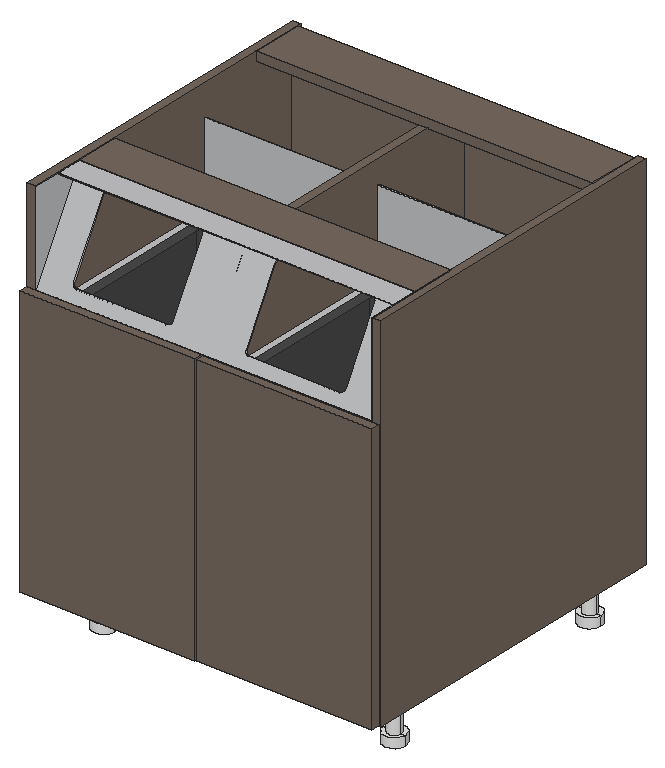
Revit family "Base_Cabinets-Teknion-CEBWU_Base_Cabinet_Recycling_Disposal_Center-R2023", category Furniture, Revit 2023
Family settings
  OmniClass Number = 23.40.20.00
  OmniClass Title = General Furniture and Specialties
  Work Plane-Based = No
  Enable Cutting in Views = No
  Always vertical = Yes
  Cut with Voids When Loaded = No
  Render Appearance Source = Family Geometry
  Shared = Yes
  Room Calculation Point = No
Parameters (values of type "Dual Configuration")
  Width [instance] = if((and([S - Single], Door Width = 12.000")), 12.000", if((and([S - Single], Door Width = 15.000")), 15.000", if((and([D - Dual], Door Width = 12.000")), 24.000", if((and([D - Dual], Door Width = 15.000")), 30.000", if((and([T - Triple], Door Width = 12.000")), 36.000", 45.000")))))  # 30.000"
  Warranty = "http://www.teknion.com/ca/papers/legal-canada"
  Unit Weight URL = "http://www.teknion.com/ca/tools/assets#&asset=bee6a381-b954-425e-8283-5a2de3a804f2,f828d448-4b62-4231-9e5f-9a8991c0ed77"
  URL = "www.teknion.com"
  To render please download texture images found here [instance] = "https://assets.teknion.com/web/5e81352c1dfdb467/revit-material-swatches/"
  T - Triple = no
  Sustainability Data = "https://www.teknion.com/ca/tools/assets#&topic=216f99a5-57a0-44fc-b10a-9dee9b29ae4c&asset=444deb64-fe58-4b68-981e-f75e97781df7,b4ff2d81-9f2e-437d-9659-7cffb09c31cf"
  Series = "Expansion Casework+"  # constant formula
  S - Symbol Ready [instance] = no
  S - Single = no
  Pull Finish [instance] = Paint - Teknion - Foundation - Crisp Grey
  Product Page URL = "https://www.teknion.com/ca/products/product-details?productLineId=30ca1270-8e7a-673b-a6c8-ff05004460c4"
  Product Line = "Base Cabinets"  # constant formula
  Product Documentation Link = "https://www.teknion.com/pricing/expansion-casework/pdfs/CEBWU_ppg.pdf"
  Part Number = "CEBWU"  # constant formula
  Opening Fascia Finish [instance] = Paint - Teknion - Mica - Platinum
  Divider - 3 Bins = [T - Triple]  # no
  Divider - 2 Bins = [D - Dual]  # yes
  N - No Identification [instance] = not([S - Symbol Ready])  # yes
  Model = "CEBWUD__35_N"
  Manufacturer Phone = "416-661-3370"  # constant formula
  Manufacturer Fax = "416.661.4586"  # constant formula
  Manufacturer Contact Information = "http://www.teknion.com/ca/contactus"
  Manufacturer Address = "1150 Flint Road, Toronto, ON. M3J 2J5. Canada"  # constant formula
  Manufacturer = "Teknion"  # constant formula
  Identification [instance] = "Select one option for identification. No identification is default."  # constant formula
  How To Use Teknion Materials User Guide [instance] = "https://assets.teknion.com/m/205dd0a49fa58060/original/How-to-add-a-Material-Library-and-Texture-Images-to-your-Revit-project.pdf"
  Height = 35.000"  # constant formula
  Front Finish [instance] = Source Laminate - Teknion - 3M - Provincial Oak
  For Additional Finishes please visit [instance] = "https://assets.teknion.com/m/44a8009b046e5d47/original/Teknion_Materials_Library.zip"
  Foot Finish [instance] = Paint - Teknion - Foundation - Crisp Grey
  Door Width [instance] = 15.000"
  Dim 2 [instance] = if((and([T - Triple], Door Width = 12.000")), 6.000", if((and([T - Triple], Door Width = 15.000")), 7.500", 4.000"))  # 4.000"
  Dim 1 [instance] = if((and([D - Dual], Door Width = 12.000")), 5.825", if((and([D - Dual], Door Width = 15.000")), 7.325", if((and([T - Triple], Door Width = 12.000")), 11.825", 14.825")))  # 7.325"
  Description = "Base Cabinet - Recycling/Disposal Center, Dual Configuration, 35\" Height, No Door Swing Direction"
  Depth [instance] = 29.000"
  Default Elevation = 0.000"
  D - Dual = yes
  Cut-Out - Symbol - 2 & 3 Doors [instance] = if((or((and([D - Dual], [S - Symbol Ready])), (and([T - Triple], [S - Symbol Ready])))), 1.000", 0.200")  # 0.200"
  Cut-Out - Symbol - 1 & 3 Doors [instance] = if((or((and([S - Single], [S - Symbol Ready])), (and([T - Triple], [S - Symbol Ready])))), 1.000", 0.200")  # 0.200"
  Cut-Out - Front - 2 & 3 Doors = if((or([D - Dual], [T - Triple])), 1.000", 0.200")  # 1.000"
  Cut-Out - Front - 1 & 3 Doors = if((or([S - Single], [T - Triple])), 1.000", 0.200")  # 0.200"
  Cut-Out - 2 & 3 Bin = if((or([D - Dual], [T - Triple])), 2.000", 0.200")  # 2.000"
  Cut-Out - 1 & 3 Bin = if((or([S - Single], [T - Triple])), 2.000", 0.200")  # 0.200"
  Cut - Divider - 3 Bins = if([T - Triple], 15.000", 0.200")  # 0.200"
  Cut - Divider - 2 Bins = if([D - Dual], 15.000", 0.200")  # 15.000"
  Cut - 3 Doors = if([T - Triple], 3.000", 0.200")  # 0.200"
  Cut - 2 Doors = if([D - Dual], 3.000", 0.200")  # 3.000"
  Configuration = ""
  Case Finish [instance] = Source Laminate - Teknion - 3M - Provincial Oak
  Available Height = "35 Inch Only"  # constant formula
  Available Door Width [instance] = "12 & 15 Inch"  # constant formula
  Available Depth [instance] = "24 & 29 Inch"  # constant formula
  Assembly Code = "E2020200"
  Actual Height = if(Height = 32.000", Height - 0.250", Height + 0.000")  # 35.000"
  2D - Symbol - 2 & 3 Doors [instance] = and((or([D - Dual], [T - Triple])), [S - Symbol Ready])  # no
  2D - Symbol - 1 & 3 Doors [instance] = and((or([S - Single], [T - Triple])), [S - Symbol Ready])  # no
  2D - 1 & 2 Bins = not([T - Triple])  # yes
  2D - 1 & 3 Bins = not([D - Dual])  # no
  2 & 3 Bins = or([D - Dual], [T - Triple])  # yes
  1 & 3 Bins = or([S - Single], [T - Triple])  # no
Reference planes (in)
  plane 1 "Center Front/Back": y = -14.5
  plane 2: z = 0
  plane 3 "Center Left/Right": x = 21
  plane 4 "Left": x = 6
  plane 5 "Right": x = 36
  plane 6 "Back": y = 0
  plane 7 "Front": y = -29
  plane 8 "Top": z = 35
  plane 9: z = 4.13386
  plane 10 "Foot 2": y = -2.59843
  plane 11 "Foot 1": y = -23.35433
  plane 12: z = 4.25197
  plane 13: z = 27.19488
  plane 14: z = 6.11024
  plane 15: x = 13.675
  plane 16: x = 28.325
  plane 17: x = 17
  plane 18: x = 25
  plane 19 "Foot 3": y = -20.535
Forms (in)
  Sweep 1, solid, material "Source Laminate - Teknion - 3M - Provincial Oak" <- "Case Finish"
    path origin (0, 0, 0) x (1, 0, 0) y (0, 1, 0)
      loop
        line (6, -14.5) -> (6.70079, -14.5)
    profile origin (6.35039, -14.5, 0) x (0, 1, 0) y (0, 0, 1)
      loop
        line (14.5, 35) -> (-13.66142, 35) -> (-13.66142, 4.13386) -> (14.5, 4.13386) -> (14.5, 35)
  Sweep 2, solid, material "Source Laminate - Teknion - 3M - Provincial Oak" <- "Case Finish"
    path origin (0, 0, 0) x (1, 0, 0) y (0, 1, 0)
      loop
        line (36, -14.5) -> (35.29921, -14.5)
    profile origin (35.64961, -14.5, 0) x (0, -1, 0) y (0, 0, 1)
      loop
        line (-14.5, 35) -> (-14.5, 4.13386) -> (13.66142, 4.13386) -> (13.66142, 35) -> (-14.5, 35)
  Sweep 3, solid, material "Source Laminate - Teknion - 3M - Provincial Oak" <- "Case Finish"
    path origin (0, 0, 0) x (1, 0, 0) y (0, 1, 0)
      loop
        line (35.29921, -14.5) -> (6.70079, -14.5)
    profile origin (21, -14.5, 0) x (0, -1, 0) y (0, 0, 1)
      loop
        line (5.29747, 34.29921) -> (9.077, 34.29921) -> (9.077, 35) -> (5.29747, 35) -> (5.29747, 34.29921)
      loop
        line (-9.70472, 34.29921) -> (-9.70472, 35) -> (-14.18504, 35) -> (-14.18504, 34.29921) -> (-9.70472, 34.29921)
  Sweep 4, solid, material "Source Laminate - Teknion - 3M - Provincial Oak" <- "Case Finish"
    path origin (0, 0, 0) x (1, 0, 0) y (0, 1, 0)
      loop
        line (35.29921, -14.5) -> (6.70079, -14.5)
    profile origin (21, -14.5, 0) x (0, -1, 0) y (0, 0, 1)
      loop
        line (-13.48425, 34.29921) -> (-14.18504, 34.29921) -> (-14.18504, 5.14961) -> (-13.48425, 5.14961) -> (-13.48425, 34.29921)
  Sweep 5, solid, material "Source Laminate - Teknion - 3M - Provincial Oak" <- "Case Finish"
    path origin (0, -14.5, 0) x (1, 0, 0) y (0, 0, 1)
      loop
        line (21, 5.14961) -> (21, 4.13386)
    profile origin (21, -14.5, 4.64173) x (0, -1, 0) y (1, 0, 0)
      loop
        line (-14.18504, 14.29921) -> (-14.18504, -14.29921) -> (13.66142, -14.29921) -> (13.66142, 14.29921) -> (-14.18504, 14.29921)
  Revolve 6, solid, material "Paint - Teknion - Foundation - Crisp Grey" <- "Foot Finish"
    sketch origin (0, -23.35433, 0) x (-1, 0, 0) y (0, 0, 1)
      loop
        line (-8.64567, 4.13386) -> (-8.64567, 0) -> (-7.70276, 0) -> (-7.70276, 0.7874) -> (-8.09449, 0.7874) -> (-8.09449, 3.11024) -> (-7.70846, 3.11024) -> (-7.70846, 4.13386) -> (-8.64567, 4.13386)
      axis (-8.64567, 4.13386) -> (-8.64567, 0)
    angle from 0 to 360
  Revolve 7, solid, material "Paint - Teknion - Foundation - Crisp Grey" <- "Foot Finish"
    sketch origin (36.70866, -23.35433, 0) x (-1, 0, 0) y (0, 0, 1)
      loop
        line (3.35433, 4.13386) -> (3.35433, 0) -> (4.29724, 0) -> (4.29724, 0.7874) -> (3.90551, 0.7874) -> (3.90551, 3.11024) -> (4.29154, 3.11024) -> (4.29154, 4.13386) -> (3.35433, 4.13386)
      axis (3.35433, 4.13386) -> (3.35433, 0)
    angle from 0 to 360
  Revolve 8, solid, material "Paint - Teknion - Foundation - Crisp Grey" <- "Foot Finish"
    sketch origin (4.75, -2.59843, 0) x (-1, 0, 0) y (0, 0, 1)
      loop
        line (-28.60433, 4.13386) -> (-28.60433, 0) -> (-27.66142, 0) -> (-27.66142, 0.7874) -> (-28.05315, 0.7874) -> (-28.05315, 3.11024) -> (-27.66713, 3.11024) -> (-27.66713, 4.13386) -> (-28.60433, 4.13386)
      axis (-28.60433, 4.13386) -> (-28.60433, 0)
    angle from 0 to 360
  Revolve 9, solid, material "Paint - Teknion - Foundation - Crisp Grey" <- "Foot Finish"
    sketch origin (37.25, -2.59843, 0) x (1, 0, 0) y (0, 0, -1)
      loop
        line (-28.60433, -4.13386) -> (-28.60433, 0) -> (-29.54724, 0) -> (-29.54724, -0.7874) -> (-29.15551, -0.7874) -> (-29.15551, -3.11024) -> (-29.54154, -3.11024) -> (-29.54154, -4.13386) -> (-28.60433, -4.13386)
      axis (-28.60433, -4.13386) -> (-28.60433, 0)
    angle from 0 to 360
  Sweep 10, solid, material "Source Laminate - Teknion - 3M - Provincial Oak" <- "Front Finish"
    path origin (0, 0, 0) x (1, 0, 0) y (0, 1, 0)
      loop
        line (21, -29) -> (21, -28.29921)
    profile origin (21, -28.64961, 0) x (-1, 0, 0) y (0, 0, 1)
      loop
        line (14.94094, 27.19488) -> (-14.94094, 27.19488) -> (-14.94094, 4.25197) -> (14.94094, 4.25197) -> (14.94094, 27.19488)
  Sweep 11, void
    path origin (0, 0, 0) x (1, 0, 0) y (0, 1, 0)
      loop
        line (21, -29.60315) -> (21, -29.80315)
    profile origin (21, -29.70315, 0) x (1, 0, 0) y (0, 0, 1)
      loop
        circle (-0.91535, 24.68504) r 0.15748
      loop
        circle (0.91535, 22.85433) r 0.15748
  Sweep 12, solid, material "Paint - Teknion - Mica - Platinum" <- "Opening Fascia Finish"
    path origin (0, 0, 0) x (1, 0, 0) y (0, 1, 0)
      loop
        line (6.74803, -14.5) -> (6.70079, -14.5)
    profile origin (6.72441, -14.5, 0) x (0, -1, 0) y (0, 0, 1)
      loop
        line (9.15922, 34.95276) -> (13.66142, 27.15472) -> (13.66142, 34.95276) -> (9.15922, 34.95276)
  Sweep 13, solid, material "Paint - Teknion - Mica - Platinum" <- "Opening Fascia Finish"
    path origin (0, 0, 0) x (1, 0, 0) y (0, 1, 0)
      loop
        line (35.25197, -14.5) -> (35.29921, -14.5)
    profile origin (35.27559, -14.5, 0) x (0, 1, 0) y (0, 0, 1)
      loop
        line (-13.66142, 34.95276) -> (-13.66142, 27.15472) -> (-9.15922, 34.95276) -> (-13.66142, 34.95276)
  Sweep 14, solid, material "Paint - Teknion - Mica - Platinum" <- "Opening Fascia Finish"
    path origin (0, 0, 0) x (1, 0, 0) y (0, 1, 0)
      loop
        line (6.70079, -14.5) -> (35.29921, -14.5)
    profile origin (21, -14.5, 0) x (0, 1, 0) y (0, 0, 1)
      loop
        line (-9.07739, 35) -> (-11.33369, 35) -> (-11.33369, 34.95276) -> (-9.15922, 34.95276) -> (-13.66142, 27.15472) -> (-13.66142, 27.06024) -> (-9.07739, 35)
  Sweep 15, void
    path origin (21, 0, 0) x (0, 1, 0) y (0, 0, 1)
      loop
        line (-24.60232, 34.11927) -> (-24.42911, 34.01927)
    profile origin (21, -24.51571, 34.06927) x (0, 0.5, 0.866025) y (1, 0, 0)
      loop
        line (-0.3937, 4.25) -> (-6.41732, 4.25)
        arc (-6.41732, 4.25) -> (-6.69571, 4.13469) -> (-6.81102, 3.8563) r 0.3937
        line (-6.81102, 3.8563) -> (-6.81102, -3.8563)
        arc (-6.81102, -3.8563) -> (-6.69571, -4.13469) -> (-6.41732, -4.25) r 0.3937
        line (-6.41732, -4.25) -> (-0.3937, -4.25)
        arc (-0.3937, -4.25) -> (-0.11531, -4.13469) -> (0, -3.8563) r 0.3937
        line (0, -3.8563) -> (0, 3.8563)
        arc (0, 3.8563) -> (-0.11531, 4.13469) -> (-0.3937, 4.25) r 0.3937
  Sweep 16, void
    path origin (0, -23.35433, 0) x (-1, 0, 0) y (0, 0, 1)
      loop
        line (-21, 26.19488) -> (-21, 25.99488)
    profile origin (21, -23.35433, 26.09488) x (0, 1, 0) y (-1, 0, 0)
      loop
        line (9.64173, 4.42913) -> (-4.80709, 4.42913) -> (-4.80709, -4.42913) -> (9.64173, -4.42913) -> (9.64173, 4.42913)
  Sweep 17, void
    path origin (21, 0, 0) x (0, 1, 0) y (0, 0, 1)
      loop
        line (-24.81882, 34.24427) -> (-23.9528, 33.74427)
    profile origin (21, -24.38581, 33.99427) x (0, 0.5, 0.866025) y (1, 0, 0)
      loop
        line (-6.41732, -11.5748) -> (-0.3937, -11.5748)
        arc (-0.3937, -11.5748) -> (-0.11531, -11.45949) -> (0, -11.1811) r 0.3937
        line (0, -11.1811) -> (0, -3.4685)
        arc (0, -3.4685) -> (-0.11531, -3.19012) -> (-0.3937, -3.0748) r 0.3937
        line (-0.3937, -3.0748) -> (-6.41732, -3.0748)
        arc (-6.41732, -3.0748) -> (-6.69571, -3.19012) -> (-6.81102, -3.4685) r 0.3937
        line (-6.81102, -3.4685) -> (-6.81102, -11.1811)
        arc (-6.81102, -11.1811) -> (-6.69571, -11.45949) -> (-6.41732, -11.5748) r 0.3937
      loop
        line (-6.41732, 3.0748) -> (-0.3937, 3.0748)
        arc (-0.3937, 3.0748) -> (-0.11531, 3.19012) -> (0, 3.4685) r 0.3937
        line (0, 3.4685) -> (0, 11.1811)
        arc (0, 11.1811) -> (-0.11531, 11.45949) -> (-0.3937, 11.5748) r 0.3937
        line (-0.3937, 11.5748) -> (-6.41732, 11.5748)
        arc (-6.41732, 11.5748) -> (-6.69571, 11.45949) -> (-6.81102, 11.1811) r 0.3937
        line (-6.81102, 11.1811) -> (-6.81102, 3.4685)
        arc (-6.81102, 3.4685) -> (-6.69571, 3.19012) -> (-6.41732, 3.0748) r 0.3937
  Sweep 18, void
    path origin (0, -23.35433, 0) x (-1, 0, 0) y (0, 0, 1)
      loop
        line (-21, 26.44488) -> (-21, 24.44488)
    profile origin (21, -23.35433, 25.44488) x (0, 1, 0) y (-1, 0, 0)
      loop
        line (-4.80709, 11.75394) -> (-4.80709, 2.89567) -> (9.64173, 2.89567) -> (9.64173, 11.75394) -> (-4.80709, 11.75394)
      loop
        line (-4.80709, -2.89567) -> (-4.80709, -11.75394) -> (9.64173, -11.75394) -> (9.64173, -2.89567) -> (-4.80709, -2.89567)
  Sweep 19, solid, material "Source Laminate - Teknion - 3M - Provincial Oak" <- "Case Finish", visible <- "Divider - 2 Bins"
    path origin (0, 0, 0) x (1, 0, 0) y (0, 1, 0)
      loop
        line (21.35039, -14.5) -> (20.64961, -14.5)
    profile origin (21, -14.5, 0) x (0, -1, 0) y (0, 0, 1)
      loop
        line (9.41339, 34.29921) -> (-13.48425, 34.29921) -> (-13.48425, 5.14961) -> (13.66142, 5.14961) -> (13.66142, 26.94141) -> (11.88976, 26.94141) -> (11.88976, 30.01) -> (9.41339, 34.29921)
  Sweep 20, solid, material "Paint - Teknion - Mica - Platinum" <- "Opening Fascia Finish"
    path origin (0, 0, 0) x (1, 0, 0) y (0, 1, 0)
      loop
        line (35.29921, -14.5) -> (6.70079, -14.5)
    profile origin (21, -14.5, 0) x (0, -1, 0) y (0, 0, 1)
      loop
        line (-4.33858, 32.40157) -> (-4.33858, 25.32677) -> (13.66142, 25.32677) -> (13.66142, 25.40157) -> (-4.26378, 25.40157) -> (-4.26378, 32.40157) -> (-4.33858, 32.40157)
  Sweep 21, void
    path origin (0, -23.35433, 0) x (-1, 0, 0) y (0, 0, 1)
      loop
        line (-21, 36) -> (-21, 21)
    profile origin (21, -23.35433, 28.5) x (0, 1, 0) y (-1, 0, 0)
      loop
        line (13.94291, 0.35039) -> (-4.80709, 0.35039) -> (-4.80709, -0.35039) -> (13.94291, -0.35039) -> (13.94291, 0.35039)
  Sweep 22, solid, material "Source Laminate - Teknion - 3M - Provincial Oak" <- "Case Finish", visible <- "Divider - 3 Bins"
    path origin (0, 0, 0) x (1, 0, 0) y (0, 1, 0)
      loop
        line (16.64961, -14.5) -> (17.35039, -14.5)
    profile origin (17, -14.5, 0) x (0, 1, 0) y (0, 0, 1)
      loop
        line (13.48425, 5.14961) -> (13.48425, 34.29921) -> (-9.41339, 34.29921) -> (-11.88976, 30.01) -> (-11.88976, 26.94141) -> (-13.66142, 26.94141) -> (-13.66142, 5.14961) -> (13.48425, 5.14961)
  Sweep 23, solid, material "Source Laminate - Teknion - 3M - Provincial Oak" <- "Case Finish", visible <- "Divider - 3 Bins"
    path origin (0, 0, 0) x (1, 0, 0) y (0, 1, 0)
      loop
        line (24.64961, -14.5) -> (25.35039, -14.5)
    profile origin (25, -14.5, 0) x (0, 1, 0) y (0, 0, 1)
      loop
        line (13.48425, 34.29921) -> (-9.41339, 34.29921) -> (-11.88976, 30.01) -> (-11.88976, 26.94141) -> (-13.66142, 26.94141) -> (-13.66142, 5.14961) -> (13.48425, 5.14961) -> (13.48425, 34.29921)
  Sweep 24, void
    path origin (0, -23.35433, 0) x (-1, 0, 0) y (0, 0, 1)
      loop
        line (-21, 36) -> (-21, 35.8)
    profile origin (21, -23.35433, 35.9) x (0, 1, 0) y (-1, 0, 0)
      loop
        line (13.94291, 3.64961) -> (13.94291, 4.35039) -> (-4.80709, 4.35039) -> (-4.80709, 3.64961) -> (13.94291, 3.64961)
      loop
        line (13.94291, -3.64961) -> (-4.80709, -3.64961) -> (-4.80709, -4.35039) -> (13.94291, -4.35039) -> (13.94291, -3.64961)
  Sweep 25, void
    path origin (0, 0, 0) x (1, 0, 0) y (0, 1, 0)
      loop
        line (21.25, -31.16142) -> (21.25, -30.96142)
    profile origin (21.25, -31.06142, 0) x (-1, 0, 0) y (0, 0, 1)
      loop
        line (4.30906, 27.19488) -> (4.19094, 27.19488) -> (4.19094, 4.13386) -> (4.30906, 4.13386) -> (4.30906, 27.19488)
      loop
        line (-3.69094, 27.19488) -> (-3.80906, 27.19488) -> (-3.80906, 4.25197) -> (-3.69094, 4.25197) -> (-3.69094, 27.19488)
  Sweep 26, void
    path origin (0, 0, 0) x (1, 0, 0) y (0, 1, 0)
      loop
        line (21, -29.80315) -> (21, -29.60315)
    profile origin (21, -29.70315, 0) x (-1, 0, 0) y (0, 0, 1)
      loop
        circle (8.24035, 24.68504) r 0.15748
      loop
        circle (6.40965, 22.85433) r 0.15748
      loop
        circle (-6.40965, 24.68504) r 0.15748
      loop
        circle (-8.24035, 22.85433) r 0.15748
  Sweep 27, void
    path origin (0, 0, 0) x (1, 0, 0) y (0, 1, 0)
      loop
        line (21, -28.16142) -> (21, -31.16142)
    profile origin (21, -29.66142, 0) x (1, 0, 0) y (0, 0, 1)
      loop
        line (0.05906, 4.13386) -> (0.05906, 27.19488) -> (-0.05906, 27.19488) -> (-0.05906, 4.13386) -> (0.05906, 4.13386)
  Revolve 28, solid, material "Paint - Teknion - Foundation - Crisp Grey" <- "Foot Finish", visible <- "T - Triple"
    sketch origin (24.95866, -23.35433, 0) x (-1, 0, 0) y (0, 0, 1)
      loop
        line (3.95866, 4.13386) -> (3.95866, 0) -> (4.90157, 0) -> (4.90157, 0.7874) -> (4.50984, 0.7874) -> (4.50984, 3.11024) -> (4.89587, 3.11024) -> (4.89587, 4.13386) -> (3.95866, 4.13386)
      axis (3.95866, 4.13386) -> (3.95866, 0)
    angle from 0 to 360
Cuts and joins
  Sweep 11, Sweep 25, Sweep 26, Sweep 27 cuts Sweep 10
  Sweep 16, Sweep 18, Sweep 21, Sweep 24 cuts Sweep 20
  Sweep 15, Sweep 17 cuts Sweep 14
  joined: Sweep 12, Sweep 13, Sweep 14
Lines and regions (in)
  Masking region 1
    outline origin (0, 0, 0) x (1, 0, 0) y (0, 1, 0)
      loop
        line (6, -28.16142) -> (36, -28.16142) -> (36, 0) -> (35.29921, 0) -> (35.29921, -0.31496) -> (6.70079, -0.31496) -> (6.70079, 0) -> (6, 0) -> (6, -28.16142)
  Masking region 2, visible <- "S - Single"
    outline origin (0, 0, 0) x (1, 0, 0) y (0, 1, 0)
      loop
        line (6.05906, -28.29921) -> (6.05906, -29) -> (35.94094, -29) -> (35.94094, -28.29921) -> (6.05906, -28.29921)
  Masking region 3, visible <- "D - Dual"
    outline origin (0, 0, 0) x (1, 0, 0) y (0, 1, 0)
      loop
        line (6.05906, -28.29921) -> (6.05906, -29) -> (20.94094, -29) -> (20.94094, -28.29921) -> (6.05906, -28.29921)
      loop
        line (21.05906, -28.29921) -> (21.05906, -29) -> (35.94094, -29) -> (35.94094, -28.29921) -> (21.05906, -28.29921)
  Masking region 4, visible <- "T - Triple"
    outline origin (0, 0, 0) x (1, 0, 0) y (0, 1, 0)
      loop
        line (6.05906, -28.29921) -> (6.05906, -29) -> (16.94094, -29) -> (16.94094, -28.29921) -> (6.05906, -28.29921)
      loop
        line (17.05906, -28.29921) -> (17.05906, -29) -> (24.94094, -29) -> (24.94094, -28.29921) -> (17.05906, -28.29921)
      loop
        line (25.05906, -28.29921) -> (25.05906, -29) -> (35.94094, -29) -> (35.94094, -28.29921) -> (25.05906, -28.29921)
  reference lines
    curve 1: line (6, 0, 0) -> (36, 0, 0)
    curve 2: line (6, -29, 0) -> (36, -29, 0)
    curve 3: line (6, 0, 0) -> (6, -29, 0)
    curve 4: line (36, 0, 0) -> (36, -29, 0)
  symbolic lines
    curve 5: line (6.70079, -0.31496, 0) -> (6.70079, -28.16142, 0)
    curve 6: line (35.29921, -0.31496, 0) -> (35.29921, -28.16142, 0)
    curve 7: line (6.70079, -4.79528, 0) -> (35.29921, -4.79528, 0)
    curve 8: line (35.29921, -19.79747, 0) -> (6.70079, -19.79747, 0)
    curve 9: line (6.70079, -23.577, 0) -> (35.29921, -23.577, 0)
    curve 10: line (6.70079, -25.83369, 0) -> (35.29921, -25.83369, 0)
    curve 98: line (6.70079, -28.16142, 0) -> (35.29921, -28.16142, 0)
  symbolic lines, visible <- "Divider - 3 Bins"
    curve 11: line (16.64961, -19.79747, 0) -> (16.64961, -4.79528, 0)
    curve 12: line (17.35039, -19.79747, 0) -> (17.35039, -4.79528, 0)
    curve 15: line (24.64961, -19.79747, 0) -> (24.64961, -4.79528, 0)
    curve 16: line (25.35039, -19.79747, 0) -> (25.35039, -4.79528, 0)
  symbolic lines, visible <- "Divider - 2 Bins"
    curve 13: line (20.64961, -4.79528, 0) -> (20.64961, -19.79747, 0)
    curve 14: line (21.35039, -4.79528, 0) -> (21.35039, -19.79747, 0)
  symbolic lines, style "FurnitureHiddenLines", detail levels medium+fine
    curve 17: line (6.70079, -1.01575, 0) -> (35.29921, -1.01575, 0)
    curve 30: line (35.29921, -23.65922, 0) -> (6.70079, -23.65922, 0)
    curve 37: line (6.70079, -10.16142, 0) -> (16.64961, -10.16142, 0)
    curve 38: line (6.70079, -10.23622, 0) -> (16.64961, -10.23622, 0)
    curve 41: line (17.35039, -10.16142, 0) -> (20.64961, -10.16142, 0)
    curve 42: line (17.35039, -10.23622, 0) -> (20.64961, -10.23622, 0)
    curve 45: line (25.35039, -10.16142, 0) -> (35.29921, -10.16142, 0)
    curve 46: line (25.35039, -10.23622, 0) -> (35.29921, -10.23622, 0)
    curve 49: line (21.35039, -10.16142, 0) -> (24.64961, -10.16142, 0)
    curve 50: line (21.35039, -10.23622, 0) -> (24.64961, -10.23622, 0)
  symbolic lines, style "FurnitureHiddenLines", visible <- "Divider - 3 Bins", detail levels medium+fine
    curve 18: line (16.64961, -1.01575, 0) -> (16.64961, -4.79528, 0)
    curve 19: line (17.35039, -1.01575, 0) -> (17.35039, -4.79528, 0)
    curve 22: line (24.64961, -1.01575, 0) -> (24.64961, -4.79528, 0)
    curve 23: line (25.35039, -1.01575, 0) -> (25.35039, -4.79528, 0)
    curve 24: line (16.64961, -19.79747, 0) -> (16.64961, -28.16142, 0)
    curve 25: line (17.35039, -19.79747, 0) -> (17.35039, -28.16142, 0)
    curve 28: line (24.64961, -19.79747, 0) -> (24.64961, -28.16142, 0)
    curve 29: line (25.35039, -19.79747, 0) -> (25.35039, -28.16142, 0)
    curve 31: line (17.35039, -23.91339, 0) -> (16.64961, -23.91339, 0)
    curve 32: line (16.64961, -26.38976, 0) -> (17.35039, -26.38976, 0)
    curve 35: line (24.64961, -23.91339, 0) -> (25.35039, -23.91339, 0)
    curve 36: line (24.64961, -26.38976, 0) -> (25.35039, -26.38976, 0)
  symbolic lines, style "FurnitureHiddenLines", visible <- "Divider - 2 Bins", detail levels medium+fine
    curve 20: line (20.64961, -1.01575, 0) -> (20.64961, -4.79528, 0)
    curve 21: line (21.35039, -1.01575, 0) -> (21.35039, -4.79528, 0)
    curve 26: line (20.64961, -19.79747, 0) -> (20.64961, -28.16142, 0)
    curve 27: line (21.35039, -19.79747, 0) -> (21.35039, -28.16142, 0)
    curve 33: line (20.64961, -23.91339, 0) -> (21.35039, -23.91339, 0)
    curve 34: line (20.64961, -26.38976, 0) -> (21.35039, -26.38976, 0)
  symbolic lines, style "FurnitureHiddenLines", visible <- "2D - 1 & 2 Bins", detail levels medium+fine
    curve 39: line (16.64961, -10.16142, 0) -> (17.35039, -10.16142, 0)
    curve 40: line (16.64961, -10.23622, 0) -> (17.35039, -10.23622, 0)
    curve 43: line (24.64961, -10.16142, 0) -> (25.35039, -10.16142, 0)
    curve 44: line (24.64961, -10.23622, 0) -> (25.35039, -10.23622, 0)
  symbolic lines, style "FurnitureHiddenLines", visible <- "2D - 1 & 3 Bins", detail levels medium+fine
    curve 47: line (20.64961, -10.16142, 0) -> (21.35039, -10.16142, 0)
    curve 48: line (20.64961, -10.23622, 0) -> (21.35039, -10.23622, 0)
  symbolic lines, style "FurnitureHiddenLines", visible <- "2 & 3 Bins", detail levels fine
    curve 51: line (18.10433, -28.16142, 0) -> (18.10433, -13.7126, 0)
    curve 52: line (9.24606, -13.7126, 0) -> (9.24606, -28.16142, 0)
    curve 53: line (18.10433, -13.7126, 0) -> (9.24606, -13.7126, 0)
    curve 57: line (32.75394, -28.16142, 0) -> (32.75394, -13.7126, 0)
    curve 58: line (32.75394, -13.7126, 0) -> (23.89567, -13.7126, 0)
    curve 59: line (23.89567, -13.7126, 0) -> (23.89567, -28.16142, 0)
  symbolic lines, style "FurnitureHiddenLines", visible <- "1 & 3 Bins", detail levels fine
    curve 54: line (25.42913, -13.7126, 0) -> (16.57087, -13.7126, 0)
    curve 55: line (25.42913, -28.16142, 0) -> (25.42913, -13.7126, 0)
    curve 56: line (16.57087, -13.7126, 0) -> (16.57087, -28.16142, 0)
  symbolic lines, style "FurnitureHiddenLines", detail levels fine
    curve 60: arc (9.58287, -2.59843, 0) -> (8.64567, -1.66122, 0) -> (7.70846, -2.59843, 0) r 0.9372
    curve 61: arc (9.19685, -2.59843, 0) -> (8.64567, -2.04724, 0) -> (8.09449, -2.59843, 0) r 0.55118
    curve 62: arc (8.09449, -2.59843, 0) -> (8.64567, -3.14961, 0) -> (9.19685, -2.59843, 0) r 0.55118
    curve 63: arc (7.70846, -2.59843, 0) -> (8.64567, -3.53563, 0) -> (9.58287, -2.59843, 0) r 0.9372
    curve 64: arc (9.58287, -23.35433, 0) -> (8.64567, -22.41713, 0) -> (7.70846, -23.35433, 0) r 0.9372
    curve 65: arc (9.19685, -23.35433, 0) -> (8.64567, -22.80315, 0) -> (8.09449, -23.35433, 0) r 0.55118
    curve 66: arc (8.09449, -23.35433, 0) -> (8.64567, -23.90551, 0) -> (9.19685, -23.35433, 0) r 0.55118
    curve 67: arc (7.70846, -23.35433, 0) -> (8.64567, -24.29154, 0) -> (9.58287, -23.35433, 0) r 0.9372
    curve 68: arc (34.29154, -2.59843, 0) -> (33.35433, -1.66122, 0) -> (32.41713, -2.59843, 0) r 0.9372
    curve 69: arc (33.90551, -2.59843, 0) -> (33.35433, -2.04724, 0) -> (32.80315, -2.59843, 0) r 0.55118
    curve 70: arc (32.80315, -2.59843, 0) -> (33.35433, -3.14961, 0) -> (33.90551, -2.59843, 0) r 0.55118
    curve 71: arc (32.41713, -2.59843, 0) -> (33.35433, -3.53563, 0) -> (34.29154, -2.59843, 0) r 0.9372
    curve 72: arc (34.29154, -23.35433, 0) -> (33.35433, -22.41713, 0) -> (32.41713, -23.35433, 0) r 0.9372
    curve 73: arc (33.90551, -23.35433, 0) -> (33.35433, -22.80315, 0) -> (32.80315, -23.35433, 0) r 0.55118
    curve 74: arc (32.80315, -23.35433, 0) -> (33.35433, -23.90551, 0) -> (33.90551, -23.35433, 0) r 0.55118
    curve 75: arc (32.41713, -23.35433, 0) -> (33.35433, -24.29154, 0) -> (34.29154, -23.35433, 0) r 0.9372
  symbolic lines, style "FurnitureHiddenLines", visible <- "T - Triple", detail levels fine
    curve 76: arc (21.9372, -23.35433, 0) -> (21, -22.41713, 0) -> (20.0628, -23.35433, 0) r 0.9372
    curve 77: arc (21.55118, -23.35433, 0) -> (21, -22.80315, 0) -> (20.44882, -23.35433, 0) r 0.55118
    curve 78: arc (20.44882, -23.35433, 0) -> (21, -23.90551, 0) -> (21.55118, -23.35433, 0) r 0.55118
    curve 79: arc (20.0628, -23.35433, 0) -> (21, -24.29154, 0) -> (21.9372, -23.35433, 0) r 0.9372
  symbolic lines, style "FurnitureHiddenLines", visible <- "2D - Symbol - 2 & 3 Doors", detail levels fine
    curve 80: line (12.60217, -29, 0) -> (12.60217, -29.60315, 0)
    curve 81: line (12.60217, -29.60315, 0) -> (12.91713, -29.60315, 0)
    curve 82: line (12.91713, -29.60315, 0) -> (12.91713, -29, 0)
    curve 83: line (14.43287, -29, 0) -> (14.43287, -29.60315, 0)
    curve 84: line (14.43287, -29.60315, 0) -> (14.74783, -29.60315, 0)
    curve 85: line (14.74783, -29.60315, 0) -> (14.74783, -29, 0)
    curve 92: line (27.25217, -29, 0) -> (27.25217, -29.60315, 0)
    curve 93: line (27.25217, -29.60315, 0) -> (27.56713, -29.60315, 0)
    curve 94: line (27.56713, -29.60315, 0) -> (27.56713, -29, 0)
    curve 95: line (29.08287, -29, 0) -> (29.08287, -29.60315, 0)
    curve 96: line (29.08287, -29.60315, 0) -> (29.39783, -29.60315, 0)
    curve 97: line (29.39783, -29.60315, 0) -> (29.39783, -29, 0)
  symbolic lines, style "FurnitureHiddenLines", visible <- "2D - Symbol - 1 & 3 Doors", detail levels fine
    curve 86: line (19.92717, -29, 0) -> (19.92717, -29.60315, 0)
    curve 87: line (19.92717, -29.60315, 0) -> (20.24213, -29.60315, 0)
    curve 88: line (20.24213, -29.60315, 0) -> (20.24213, -29, 0)
    curve 89: line (21.75787, -29, 0) -> (21.75787, -29.60315, 0)
    curve 90: line (21.75787, -29.60315, 0) -> (22.07283, -29.60315, 0)
    curve 91: line (22.07283, -29.60315, 0) -> (22.07283, -29, 0)
  symbolic lines, style "FurnitureHiddenLines", visible <- "2 & 3 Bins", detail levels medium+fine
    curve 99: line (17.8876, -13.035, 0) -> (9.4624, -13.035, 0)
    curve 100: arc (9.4624, -13.035, 0) -> (8.90562, -13.26562, 0) -> (8.675, -13.8224, 0) r 0.7874
    curve 101: line (8.675, -13.8224, 0) -> (8.675, -27.2476, 0)
    curve 102: arc (8.675, -27.2476, 0) -> (8.90562, -27.80438, 0) -> (9.4624, -28.035, 0) r 0.7874
    curve 103: line (9.4624, -28.035, 0) -> (17.8876, -28.035, 0)
    curve 104: arc (17.8876, -28.035, 0) -> (18.44438, -27.80438, 0) -> (18.675, -27.2476, 0) r 0.7874
    curve 105: line (18.675, -27.2476, 0) -> (18.675, -13.8224, 0)
    curve 106: arc (18.675, -13.8224, 0) -> (18.44438, -13.26562, 0) -> (17.8876, -13.035, 0) r 0.7874
    curve 107: line (17.29705, -13.76335, 0) -> (10.05295, -13.76335, 0)
    curve 108: arc (10.05295, -13.76335, 0) -> (9.49618, -13.99397, 0) -> (9.26555, -14.55075, 0) r 0.7874
    curve 109: line (9.26555, -14.55075, 0) -> (9.26555, -26.51925, 0)
    curve 110: arc (9.26555, -26.51925, 0) -> (9.49618, -27.07603, 0) -> (10.05295, -27.30665, 0) r 0.7874
    curve 111: line (10.05295, -27.30665, 0) -> (17.29705, -27.30665, 0)
    curve 112: arc (17.29705, -27.30665, 0) -> (17.85382, -27.07603, 0) -> (18.08445, -26.51925, 0) r 0.7874
    curve 113: line (18.08445, -26.51925, 0) -> (18.08445, -14.55075, 0)
    curve 114: arc (18.08445, -14.55075, 0) -> (17.85382, -13.99397, 0) -> (17.29705, -13.76335, 0) r 0.7874
    curve 115: line (32.5376, -13.035, 0) -> (24.1124, -13.035, 0)
    curve 116: arc (24.1124, -13.035, 0) -> (23.55562, -13.26562, 0) -> (23.325, -13.8224, 0) r 0.7874
    curve 117: line (23.325, -13.8224, 0) -> (23.325, -27.2476, 0)
    curve 118: arc (23.325, -27.2476, 0) -> (23.55562, -27.80438, 0) -> (24.1124, -28.035, 0) r 0.7874
    curve 119: line (24.1124, -28.035, 0) -> (32.5376, -28.035, 0)
    curve 120: arc (32.5376, -28.035, 0) -> (33.09438, -27.80438, 0) -> (33.325, -27.2476, 0) r 0.7874
    curve 121: line (33.325, -27.2476, 0) -> (33.325, -13.8224, 0)
    curve 122: arc (33.325, -13.8224, 0) -> (33.09438, -13.26562, 0) -> (32.5376, -13.035, 0) r 0.7874
    curve 123: line (31.94705, -13.76335, 0) -> (24.70295, -13.76335, 0)
    curve 124: arc (24.70295, -13.76335, 0) -> (24.14618, -13.99397, 0) -> (23.91555, -14.55075, 0) r 0.7874
    curve 125: line (23.91555, -14.55075, 0) -> (23.91555, -26.51925, 0)
    curve 126: arc (23.91555, -26.51925, 0) -> (24.14618, -27.07603, 0) -> (24.70295, -27.30665, 0) r 0.7874
    curve 127: line (24.70295, -27.30665, 0) -> (31.94705, -27.30665, 0)
    curve 128: arc (31.94705, -27.30665, 0) -> (32.50382, -27.07603, 0) -> (32.73445, -26.51925, 0) r 0.7874
    curve 129: line (32.73445, -26.51925, 0) -> (32.73445, -14.55075, 0)
    curve 130: arc (32.73445, -14.55075, 0) -> (32.50382, -13.99397, 0) -> (31.94705, -13.76335, 0) r 0.7874
    curve 165: line (17.9252, -25.83369, 0) -> (17.9252, -24.21499, 0)
    curve 166: line (17.9252, -24.21499, 0) -> (9.4252, -24.21499, 0)
    curve 167: line (9.4252, -24.21499, 0) -> (9.4252, -25.83369, 0)
    curve 168: line (9.4252, -24.25591, 0) -> (17.9252, -24.25591, 0)
    curve 169: line (9.50177, -25.83369, 0) -> (9.50177, -14.62949, 0)
    curve 170: line (10.09232, -14.03894, 0) -> (17.25768, -14.03894, 0)
    curve 171: line (17.84823, -14.62949, 0) -> (17.84823, -25.83369, 0)
    curve 172: arc (17.25768, -14.03894, 0) -> (17.67526, -14.21191, 0) -> (17.84823, -14.62949, 0) r 0.59055
    curve 173: arc (9.50177, -14.62949, 0) -> (9.67474, -14.21191, 0) -> (10.09232, -14.03894, 0) r 0.59055
    curve 174: line (24.0748, -25.83369, 0) -> (24.0748, -24.21499, 0)
    curve 175: line (24.0748, -24.21499, 0) -> (32.5748, -24.21499, 0)
    curve 176: line (32.5748, -24.21499, 0) -> (32.5748, -25.83369, 0)
    curve 177: line (24.0748, -24.25591, 0) -> (32.5748, -24.25591, 0)
    curve 178: line (24.15177, -25.83369, 0) -> (24.15177, -14.62949, 0)
    curve 179: line (24.74232, -14.03894, 0) -> (31.90768, -14.03894, 0)
    curve 180: line (32.49823, -14.62949, 0) -> (32.49823, -25.83369, 0)
    curve 181: arc (31.90768, -14.03894, 0) -> (32.32526, -14.21191, 0) -> (32.49823, -14.62949, 0) r 0.59055
    curve 182: arc (24.15177, -14.62949, 0) -> (24.32474, -14.21191, 0) -> (24.74232, -14.03894, 0) r 0.59055
  symbolic lines, style "FurnitureHiddenLines", visible <- "1 & 3 Bins", detail levels medium+fine
    curve 131: line (25.2126, -13.035, 0) -> (16.7874, -13.035, 0)
    curve 132: arc (16.7874, -13.035, 0) -> (16.23062, -13.26562, 0) -> (16, -13.8224, 0) r 0.7874
    curve 133: line (16, -13.8224, 0) -> (16, -27.2476, 0)
    curve 134: arc (16, -27.2476, 0) -> (16.23062, -27.80438, 0) -> (16.7874, -28.035, 0) r 0.7874
    curve 135: line (16.7874, -28.035, 0) -> (25.2126, -28.035, 0)
    curve 136: arc (25.2126, -28.035, 0) -> (25.76938, -27.80438, 0) -> (26, -27.2476, 0) r 0.7874
    curve 137: line (26, -27.2476, 0) -> (26, -13.8224, 0)
    curve 138: arc (26, -13.8224, 0) -> (25.76938, -13.26562, 0) -> (25.2126, -13.035, 0) r 0.7874
    curve 139: line (24.62205, -13.76335, 0) -> (17.37795, -13.76335, 0)
    curve 140: arc (17.37795, -13.76335, 0) -> (16.82118, -13.99397, 0) -> (16.59055, -14.55075, 0) r 0.7874
    curve 141: line (16.59055, -14.55075, 0) -> (16.59055, -26.51925, 0)
    curve 142: arc (16.59055, -26.51925, 0) -> (16.82118, -27.07603, 0) -> (17.37795, -27.30665, 0) r 0.7874
    curve 143: line (17.37795, -27.30665, 0) -> (24.62205, -27.30665, 0)
    curve 144: arc (24.62205, -27.30665, 0) -> (25.17882, -27.07603, 0) -> (25.40945, -26.51925, 0) r 0.7874
    curve 145: line (25.40945, -26.51925, 0) -> (25.40945, -14.55075, 0)
    curve 146: arc (25.40945, -14.55075, 0) -> (25.17882, -13.99397, 0) -> (24.62205, -13.76335, 0) r 0.7874
    curve 151: line (16.75, -24.25591, 0) -> (25.25, -24.25591, 0)
    curve 152: line (25.25, -24.21499, 0) -> (16.75, -24.21499, 0)
    curve 153: line (16.75, -24.21499, 0) -> (16.75, -25.83369, 0)
    curve 154: line (25.25, -25.83369, 0) -> (25.25, -24.21499, 0)
    curve 160: line (16.82677, -25.83369, 0) -> (16.82677, -14.62949, 0)
    curve 161: line (25.17323, -14.62949, 0) -> (25.17323, -25.83369, 0)
    curve 162: line (17.41732, -14.03894, 0) -> (24.58268, -14.03894, 0)
    curve 163: arc (24.58268, -14.03894, 0) -> (25.00026, -14.21191, 0) -> (25.17323, -14.62949, 0) r 0.59055
    curve 164: arc (16.82677, -14.62949, 0) -> (16.99974, -14.21191, 0) -> (17.41732, -14.03894, 0) r 0.59055
  symbolic lines, style "Furniture", visible <- "1 & 3 Bins"
    curve 147: line (16.75, -27.6205, 0) -> (25.25, -27.6205, 0)
    curve 148: line (25.25, -27.66142, 0) -> (16.75, -27.66142, 0)
    curve 149: line (16.75, -25.83369, 0) -> (16.75, -27.66142, 0)
    curve 150: line (25.25, -27.66142, 0) -> (25.25, -25.83369, 0)
  symbolic lines, visible <- "1 & 3 Bins"
    curve 155: line (24.58268, -27.03106, 0) -> (17.41732, -27.03106, 0)
    curve 156: line (16.82677, -26.44051, 0) -> (16.82677, -25.83369, 0)
    curve 157: line (25.17323, -25.83369, 0) -> (25.17323, -26.44051, 0)
    curve 158: arc (25.17323, -26.44051, 0) -> (25.00026, -26.85809, 0) -> (24.58268, -27.03106, 0) r 0.59055
    curve 159: arc (17.41732, -27.03106, 0) -> (16.99974, -26.85809, 0) -> (16.82677, -26.44051, 0) r 0.59055
  symbolic lines, visible <- "2 & 3 Bins"
    curve 183: line (9.4252, -27.66142, 0) -> (17.9252, -27.66142, 0)
    curve 184: line (17.9252, -27.66142, 0) -> (17.9252, -25.83369, 0)
    curve 185: line (9.4252, -27.66142, 0) -> (9.4252, -25.83369, 0)
    curve 186: line (17.9252, -27.6205, 0) -> (9.4252, -27.6205, 0)
    curve 187: line (17.25768, -27.03106, 0) -> (10.09232, -27.03106, 0)
    curve 188: line (9.50177, -26.44051, 0) -> (9.50177, -25.83369, 0)
    curve 189: line (17.84823, -25.83369, 0) -> (17.84823, -26.44051, 0)
    curve 190: arc (17.84823, -26.44051, 0) -> (17.67526, -26.85809, 0) -> (17.25768, -27.03106, 0) r 0.59055
    curve 191: arc (10.09232, -27.03106, 0) -> (9.67474, -26.85809, 0) -> (9.50177, -26.44051, 0) r 0.59055
    curve 192: line (24.0748, -25.83369, 0) -> (24.0748, -27.66142, 0)
    curve 193: line (24.0748, -27.66142, 0) -> (32.5748, -27.66142, 0)
    curve 194: line (32.5748, -27.66142, 0) -> (32.5748, -25.83369, 0)
    curve 195: line (24.0748, -27.6205, 0) -> (32.5748, -27.6205, 0)
    curve 196: line (31.90768, -27.03106, 0) -> (24.74232, -27.03106, 0)
    curve 197: line (24.15177, -26.44051, 0) -> (24.15177, -25.83369, 0)
    curve 198: line (32.49823, -25.83369, 0) -> (32.49823, -26.44051, 0)
    curve 199: arc (32.49823, -26.44051, 0) -> (32.32526, -26.85809, 0) -> (31.90768, -27.03106, 0) r 0.59055
    curve 200: arc (24.74232, -27.03106, 0) -> (24.32474, -26.85809, 0) -> (24.15177, -26.44051, 0) r 0.59055
Dimensions and locks (in)
  "Width": plane 4 "Left" to plane 5 "Right"
  "Depth": plane 6 "Back" to plane 7 "Front"
  "Actual Height": plane 8 "Top" to level
  equal spacing: plane 6 "Back", plane 1 "Center Front/Back", plane 7 "Front"
  equal spacing: plane 4 "Left", plane 3 "Center Left/Right", plane 5 "Right"
  locked: plane 9 to plane 2 at 4.13386
  locked: plane 4 "Left" to Sweep 1 sketch curve at 0.70079
  locked: plane 7 "Front" to Sweep 1 sketch curve at 0.83858
  locked: Sweep 2 sketch curve to plane 5 "Right" at 0.70079
  locked: plane 7 "Front" to Sweep 2 sketch curve at 0.83858
  locked: plane 4 "Left" to Sweep 3 sketch curve at 0.70079
  locked: Sweep 3 sketch curve to plane 5 "Right" at 0.70079
  Sweep 3 sketch curve to Sweep 3 sketch curve to plane 6 "Back" = 4.48031" locked, 0.31496" locked
  locked: Sweep 3 sketch curve to Sweep 3 sketch curve at 3.77953
  locked: plane 8 "Top" to Sweep 3 sketch curve at 0.70079  (x2)
  locked: Sweep 4 sketch curve to plane 5 "Right" at 0.70079
  locked: plane 4 "Left" to Sweep 4 sketch curve at 0.70079
  Sweep 4 sketch curve to Sweep 4 sketch curve to plane 6 "Back" = 0.70079" locked, 0.31496" locked
  locked: plane 8 "Top" to Sweep 4 sketch curve at 0.70079
  locked: Sweep 4 sketch curve to plane 9 at 1.01575
  locked: Sweep 5 sketch curve to plane 9 at 1.01575
  locked: plane 4 "Left" to Sweep 5 sketch curve at 0.70079
  locked: Sweep 5 sketch curve to plane 5 "Right" at 0.70079
  locked: plane 6 "Back" to Sweep 5 sketch curve at 0.31496
  locked: plane 7 "Front" to Sweep 5 sketch curve at 0.83858
  locked: plane 11 "Foot 1" to plane 7 "Front" at 5.64567
  locked: plane 6 "Back" to plane 10 "Foot 2" at 2.59843
  Revolve 9 sketch curve to Revolve 9 sketch curve to Revolve 9 sketch curve to Revolve 9 sketch curve to plane 4 "Left" = 0.55118" locked, 0.38602" locked, 0.00571" locked, 1.70276" locked
  locked: plane 9 to Revolve 9 sketch curve at 1.02362
  locked: Revolve 9 sketch curve to plane 2 at 0.7874
  locked: plane 4 "Left" to Revolve 9 sketch curve at 2.64567
  locked: Revolve 6 sketch curve to plane 2 at 0.7874
  locked: plane 9 to Revolve 6 sketch curve at 1.02362
  Revolve 6 sketch curve to Revolve 6 sketch curve to Revolve 6 sketch curve to Revolve 6 sketch curve to plane 4 "Left" = 0.55118" locked, 0.38602" locked, 0.00571" locked, 1.70276" locked
  locked: plane 4 "Left" to Revolve 6 sketch curve at 2.64567
  plane 5 "Right" to Revolve 7 sketch curve to Revolve 7 sketch curve to Revolve 7 sketch curve to Revolve 7 sketch curve = 2.64567" locked, 0.55118" locked, 0.38602" locked, 0.00571" locked
  locked: plane 9 to Revolve 7 sketch curve at 1.02362
  locked: Revolve 7 sketch curve to plane 2 at 0.7874
  locked: Revolve 7 sketch curve to plane 5 "Right" at 2.64567
  Revolve 8 sketch curve to Revolve 8 sketch curve to Revolve 8 sketch curve to Revolve 8 sketch curve to plane 5 "Right" = 0.00571" locked, 0.38602" locked, 0.55118" locked, 2.64567" locked
  locked: Revolve 8 sketch curve to plane 2 at 0.7874
  locked: plane 9 to Revolve 8 sketch curve at 1.02362
  locked: Revolve 8 sketch curve to plane 5 "Right" at 2.64567
  locked: plane 12 to plane 9 at 0.11811
  locked: plane 8 "Top" to plane 13 at 7.80512
  locked: plane 7 "Front" to Sweep 10 sketch curve at 0.70079
  locked: Sweep 10 sketch curve to plane 4 "Left" at 0.05906
  locked: Sweep 10 sketch curve to plane 5 "Right" at 0.05906
  locked: Sweep 11 sketch curve to plane 7 "Front" at 0.80315
  "Cut-Out - Symbol - 1 & 3 Doors": Sweep 11 sketch curve to Sweep 11 sketch curve
  plane 13 to Sweep 11 sketch curve to Sweep 11 sketch curve = 2.50984" locked, 1.83071" locked
  Sweep 11 sketch curve to plane 3 "Center Left/Right" to Sweep 11 sketch curve = 0.91535" locked, 0.91535" locked
  locked: plane 8 "Top" to plane 14 at 28.88976
  locked: plane 7 "Front" to Sweep 3 sketch curve at 5.423
  plane 4 "Left" to Sweep 12 sketch curve to Sweep 12 sketch curve = 0.70079" locked, 0.04724" locked
  plane 7 "Front" to Sweep 12 sketch curve to Sweep 12 sketch curve = 0.83858" locked, 4.5022" locked
  plane 8 "Top" to Sweep 12 sketch curve to Sweep 12 sketch curve = 0.04724" locked, 7.79803" locked
  Sweep 13 sketch curve to Sweep 13 sketch curve to plane 5 "Right" = 0.04724" locked, 0.70079" locked
  plane 7 "Front" to Sweep 13 sketch curve to Sweep 13 sketch curve = 0.83858" locked, 4.5022" locked
  plane 8 "Top" to Sweep 13 sketch curve to Sweep 13 sketch curve = 0.04724" locked, 7.79803" locked
  locked: Sweep 14 sketch curve to plane 5 "Right" at 0.70079
  locked: plane 4 "Left" to Sweep 14 sketch curve at 0.70079
  plane 7 "Front" to Sweep 14 sketch curve to Sweep 14 sketch curve to Sweep 14 sketch curve to Sweep 14 sketch curve = 0.83858" locked, 2.32773" locked, 2.17447" locked, 0.08183" locked
  plane 8 "Top" to Sweep 14 sketch curve to Sweep 14 sketch curve to Sweep 14 sketch curve = 0.04724" locked, 7.79803" locked, 0.09449" locked
  "Cut-Out - Front - 1 & 3 Doors": Sweep 15 sketch curve to Sweep 15 sketch curve
  locked: plane 7 "Front" to Sweep 15 sketch curve at 4.39768
  locked: plane 8 "Top" to Sweep 15 sketch curve at 0.88073
  "Cut-Out - 1 & 3 Bin": Sweep 16 sketch curve to Sweep 16 sketch curve
  plane 7 "Front" to Sweep 16 sketch curve to Sweep 16 sketch curve = 0.83858" locked, 14.44882" locked
  Sweep 16 sketch curve to plane 3 "Center Left/Right" to Sweep 16 sketch curve = 4.42913" locked, 4.42913" locked
  locked: plane 13 to Sweep 16 sketch curve at 1
  "Dim 1": plane 15 to plane 3 "Center Left/Right"
  "Dim 1": plane 3 "Center Left/Right" to plane 16
  locked: plane 7 "Front" to Sweep 17 sketch curve at 4.18118
  locked: plane 8 "Top" to Sweep 17 sketch curve at 0.75573
  "Cut-Out - Front - 2 & 3 Doors": Sweep 17 sketch curve to Sweep 17 sketch curve
  Sweep 17 sketch curve to Sweep 17 sketch curve to plane 15 to Sweep 17 sketch curve to Sweep 17 sketch curve = 0.3937" locked, 3.8565" locked, 3.8561" locked, 0.3937" locked
  Sweep 17 sketch curve to Sweep 17 sketch curve to plane 16 to Sweep 17 sketch curve to Sweep 17 sketch curve = 0.3937" locked, 3.8561" locked, 3.8565" locked, 0.3937" locked
  locked: plane 13 to Sweep 18 sketch curve at 0.75
  "Cut-Out - 2 & 3 Bin": Sweep 18 sketch curve to Sweep 18 sketch curve
  plane 7 "Front" to Sweep 18 sketch curve to Sweep 18 sketch curve = 0.83858" locked, 14.44882" locked  (x2)
  Sweep 18 sketch curve to plane 16 to Sweep 18 sketch curve = 4.42933" locked, 4.42894" locked
  Sweep 18 sketch curve to plane 15 to Sweep 18 sketch curve = 4.42894" locked, 4.42933" locked
  Sweep 19 sketch curve to plane 3 "Center Left/Right" to Sweep 19 sketch curve = 0.35039" locked, 0.35039" locked
  plane 7 "Front" to Sweep 19 sketch curve to Sweep 19 sketch curve to Sweep 19 sketch curve = 0.83858" locked, 1.77165" locked, 2.47638" locked
  locked: Sweep 19 sketch curve to plane 6 "Back" at 1.01575
  locked: plane 8 "Top" to Sweep 19 sketch curve at 0.70079
  locked: Sweep 19 sketch curve to plane 12 at 0.89764
  locked: Sweep 20 sketch curve to plane 5 "Right" at 0.70079
  locked: plane 4 "Left" to Sweep 20 sketch curve at 0.70079
  plane 7 "Front" to Sweep 20 sketch curve to Sweep 20 sketch curve to Sweep 20 sketch curve = 0.83858" locked, 17.9252" locked, 0.0748" locked
  plane 8 "Top" to Sweep 20 sketch curve to Sweep 20 sketch curve to Sweep 20 sketch curve = 2.59843" locked, 7.000" locked, 0.0748" locked
  locked: Sweep 21 sketch curve to plane 8 "Top" at 1
  "Cut - Divider - 2 Bins": Sweep 21 sketch curve to Sweep 21 sketch curve
  Sweep 21 sketch curve to plane 3 "Center Left/Right" to Sweep 21 sketch curve = 0.35039" locked, 0.35039" locked
  plane 7 "Front" to Sweep 21 sketch curve to Sweep 21 sketch curve = 0.83858" locked, 18.750" locked
  "Dim 2": plane 17 to plane 3 "Center Left/Right"
  "Dim 2": plane 3 "Center Left/Right" to plane 18
  Sweep 22 sketch curve to plane 17 to Sweep 22 sketch curve = 0.35039" locked, 0.35039" locked
  locked: Sweep 22 sketch curve to plane 6 "Back" at 1.01575
  locked: Sweep 22 sketch curve to plane 12 at 0.89764
  plane 7 "Front" to Sweep 22 sketch curve to Sweep 22 sketch curve to Sweep 22 sketch curve = 0.83858" locked, 1.77165" locked, 2.47638" locked
  plane 8 "Top" to Sweep 22 sketch curve to Sweep 22 sketch curve to Sweep 22 sketch curve = 0.70079" locked, 4.28921" locked, 3.06859" locked
  Sweep 23 sketch curve to plane 18 to Sweep 23 sketch curve = 0.35039" locked, 0.35039" locked
  plane 7 "Front" to Sweep 23 sketch curve to Sweep 23 sketch curve to Sweep 23 sketch curve = 0.83858" locked, 1.77165" locked, 2.47638" locked
  locked: Sweep 23 sketch curve to plane 12 at 0.89764
  plane 8 "Top" to Sweep 23 sketch curve to Sweep 23 sketch curve to Sweep 23 sketch curve = 0.70079" locked, 4.28921" locked, 3.06859" locked
  locked: Sweep 23 sketch curve to plane 6 "Back" at 1.01575
  "Cut - Divider - 3 Bins": Sweep 24 sketch curve to Sweep 24 sketch curve
  locked: Sweep 24 sketch curve to plane 8 "Top" at 1
  plane 7 "Front" to Sweep 24 sketch curve to Sweep 24 sketch curve = 0.83858" locked, 18.750" locked
  Sweep 24 sketch curve to plane 17 to Sweep 24 sketch curve = 0.35039" locked, 0.35039" locked
  Sweep 24 sketch curve to plane 18 to Sweep 24 sketch curve = 0.35039" locked, 0.35039" locked
  "Cut - 3 Doors": Sweep 25 sketch curve to Sweep 25 sketch curve
  locked: Sweep 25 sketch curve to plane 7 "Front" at 2.16142
  Sweep 25 sketch curve to plane 17 to Sweep 25 sketch curve = 0.05906" locked, 0.05906" locked
  Sweep 25 sketch curve to plane 18 to Sweep 25 sketch curve = 0.05906" locked, 0.05906" locked
  locked: Sweep 26 sketch curve to plane 7 "Front" at 0.80315
  "Cut-Out - Symbol - 2 & 3 Doors": Sweep 26 sketch curve to Sweep 26 sketch curve
  Sweep 26 sketch curve to plane 15 to Sweep 26 sketch curve = 0.91535" locked, 0.91535" locked
  Sweep 26 sketch curve to plane 16 to Sweep 26 sketch curve = 0.91535" locked, 0.91535" locked
  plane 13 to Sweep 26 sketch curve to Sweep 26 sketch curve = 2.50984" locked, 1.83071" locked  (x2)
  locked: Sweep 27 sketch curve to plane 7 "Front" at 2.16142
  "Cut - 2 Doors": Sweep 27 sketch curve to Sweep 27 sketch curve
  Sweep 27 sketch curve to plane 3 "Center Left/Right" to Sweep 27 sketch curve = 0.05906" locked, 0.05906" locked
  locked: Revolve 28 sketch curve to plane 2 at 0.7874
  locked: plane 9 to Revolve 28 sketch curve at 1.02362
  plane 3 "Center Left/Right" to Revolve 28 sketch curve to Revolve 28 sketch curve to Revolve 28 sketch curve = 0.55118" locked, 0.38602" locked, 0.00571" locked
  locked: plane 19 "Foot 3" to plane 7 "Front" at 8.465
  locked: plane 3 "Center Left/Right" to Sweep 25 sketch curve at 0.25
  locked: plane 7 "Front" to Sweep 15 sketch curve (angle 60.00°)
  locked: plane 7 "Front" to Sweep 17 sketch curve (angle 60.00°)
  aligned and locked: level to plane 2
  aligned and locked: plane 4 "Left" to Sweep 1 sketch curve
  aligned and locked: plane 1 "Center Front/Back" to Sweep 1 sketch curve
  aligned and locked: Sweep 1 sketch curve to plane 8 "Top"
  aligned and locked: Sweep 1 sketch curve to plane 6 "Back"
  aligned and locked: plane 9 to Sweep 1 sketch curve
  aligned and locked: Sweep 2 sketch curve to plane 1 "Center Front/Back"
  aligned and locked: plane 5 "Right" to Sweep 2 sketch curve
  aligned and locked: plane 8 "Top" to Sweep 2 sketch curve
  aligned and locked: plane 6 "Back" to Sweep 2 sketch curve
  aligned and locked: Sweep 2 sketch curve to plane 9
  aligned and locked: Sweep 3 sketch curve to plane 1 "Center Front/Back"
  aligned and locked: plane 8 "Top" to Sweep 3 sketch curve
  aligned and locked: Sweep 3 sketch curve to plane 8 "Top"
  aligned and locked: Sweep 4 sketch curve to plane 1 "Center Front/Back"
  aligned and locked: curve 1 to plane 6 "Back"
  aligned and locked: plane 7 "Front" to curve 2
  aligned and locked: curve 3 to plane 4 "Left"
  aligned and locked: plane 5 "Right" to curve 4
  aligned and locked: plane 7 "Front" to nested 4
  aligned and locked: nested 4 to plane 5 "Right"
  aligned and locked: nested 3 to plane 5 "Right"
  aligned and locked: nested 3 to plane 6 "Back"
  aligned and locked: nested 1 to plane 6 "Back"
  aligned and locked: plane 4 "Left" to nested 1
  aligned and locked: nested 2 to plane 4 "Left"
  aligned and locked: plane 7 "Front" to nested 2
  aligned and locked: Sweep 5 sketch curve to plane 3 "Center Left/Right"
  aligned and locked: plane 9 to Sweep 5 sketch curve
  aligned and locked: Revolve 9 sketch curve to plane 9
  aligned and locked: plane 2 to Revolve 9 sketch curve
  aligned and locked: Revolve 6 sketch curve to plane 9
  aligned and locked: plane 2 to Revolve 6 sketch curve
  aligned and locked: plane 2 to Revolve 7 sketch curve
  aligned and locked: Revolve 7 sketch curve to plane 9
  aligned and locked: Revolve 8 sketch curve to plane 9
  aligned and locked: plane 2 to Revolve 8 sketch curve
  aligned and locked: Sweep 1 to Masking region 1 sketch curve  (x2)
  aligned and locked: Masking region 1 sketch curve to Sweep 1
  aligned and locked: Masking region 1 sketch curve to Sweep 3
  aligned and locked: Masking region 1 sketch curve to Sweep 2  (x3)
  aligned and locked: plane 3 "Center Left/Right" to Sweep 10 sketch curve
  aligned and locked: plane 7 "Front" to Sweep 10 sketch curve
  aligned and locked: plane 12 to Sweep 10 sketch curve
  aligned and locked: Sweep 10 sketch curve to plane 13
  aligned and locked: plane 3 "Center Left/Right" to Sweep 11 sketch curve
  aligned and locked: plane 14 to nested 5
  aligned and locked: plane 14 to nested 6
  aligned and locked: nested 7 to plane 3 "Center Left/Right"
  aligned and locked: plane 7 "Front" to nested 7
  aligned and locked: Masking region 1 sketch curve to Sweep 5
  aligned and locked: Sweep 12 sketch curve to plane 1 "Center Front/Back"
  aligned and locked: plane 1 "Center Front/Back" to Sweep 13 sketch curve
  aligned and locked: plane 1 "Center Front/Back" to Sweep 14 sketch curve
  aligned and locked: Sweep 14 sketch curve to plane 8 "Top"
  aligned and locked: Sweep 16 sketch curve to plane 3 "Center Left/Right"
  aligned and locked: Sweep 18 sketch curve to plane 3 "Center Left/Right"
  aligned and locked: Sweep 19 sketch curve to plane 1 "Center Front/Back"
  aligned and locked: Sweep 20 sketch curve to plane 1 "Center Front/Back"
  aligned and locked: Sweep 21 sketch curve to plane 3 "Center Left/Right"
  aligned and locked: plane 1 "Center Front/Back" to Sweep 22 sketch curve
  aligned and locked: plane 1 "Center Front/Back" to Sweep 23 sketch curve
  aligned and locked: Sweep 24 sketch curve to plane 3 "Center Left/Right"
  aligned and locked: Sweep 24 sketch curve to Sweep 24 sketch curve  (x2)
  aligned and locked: Sweep 25 sketch curve to plane 9
  aligned and locked: plane 13 to Sweep 25 sketch curve
  aligned and locked: Sweep 25 sketch curve to plane 12
  aligned and locked: Sweep 25 sketch curve to plane 13
  aligned and locked: Sweep 26 sketch curve to plane 3 "Center Left/Right"
  aligned and locked: Sweep 27 sketch curve to plane 3 "Center Left/Right"
  aligned and locked: Sweep 27 sketch curve to plane 9
  aligned and locked: plane 13 to Sweep 27 sketch curve
  aligned and locked: Masking region 3 sketch curve to cut or joined group of Sweep 10, Sweep 11, Sweep 25, Sweep 26, Sweep 27  (x4)
  aligned and locked: Sweep 27 to Masking region 3 sketch curve  (x2)
  aligned and locked: Masking region 3 sketch curve to plane 7 "Front"  (x2)
  aligned and locked: Masking region 4 sketch curve to plane 7 "Front"  (x3)
  aligned and locked: Masking region 4 sketch curve to cut or joined group of Sweep 10, Sweep 11, Sweep 25, Sweep 26, Sweep 27  (x5)
  aligned and locked: Sweep 25 to Masking region 4 sketch curve  (x2)
  aligned and locked: Masking region 4 sketch curve to Sweep 25  (x2)
  aligned and locked: Revolve 28 sketch curve to plane 9
  aligned and locked: plane 2 to Revolve 28 sketch curve
  aligned and locked: Revolve 28 sketch curve to plane 3 "Center Left/Right"  (x2)
  aligned and locked: plane 19 "Foot 3" to nested 5
  aligned and locked: nested 5 to plane 3 "Center Left/Right"
  aligned and locked: plane 19 "Foot 3" to nested 8
  aligned and locked: nested 8 to plane 16
  aligned and locked: plane 19 "Foot 3" to nested 6
  aligned and locked: plane 15 to nested 6
  aligned and locked: curve 5 to Sweep 3
  aligned and locked: curve 6 to Sweep 3
  aligned and locked: curve 7 to Sweep 3
  aligned and locked: curve 8 to Sweep 3
  aligned and locked: curve 9 to Sweep 3
  aligned and locked: curve 10 to cut or joined group of Sweep 12, Sweep 13, Sweep 14, Sweep 15, Sweep 17
  aligned and locked: Sweep 22 to curve 11
  aligned and locked: Sweep 22 to curve 12
  aligned and locked: Sweep 19 to curve 13
  aligned and locked: Sweep 19 to curve 14
  aligned and locked: Sweep 23 to curve 15
  aligned and locked: Sweep 23 to curve 16
  aligned and locked: curve 17 to Sweep 4
  aligned and locked: curve 18 to Sweep 22
  aligned and locked: curve 19 to Sweep 22
  aligned and locked: curve 20 to Sweep 19
  aligned and locked: curve 21 to Sweep 19
  aligned and locked: curve 22 to Sweep 23
  aligned and locked: curve 23 to Sweep 23
  aligned and locked: curve 29 to Sweep 23
  aligned and locked: curve 28 to Sweep 23
  aligned and locked: Sweep 19 to curve 27
  aligned and locked: Sweep 19 to curve 26
  aligned and locked: curve 25 to Sweep 22
  aligned and locked: curve 24 to Sweep 22
  aligned and locked: curve 30 to cut or joined group of Sweep 12, Sweep 13, Sweep 14, Sweep 15, Sweep 17
  aligned and locked: curve 31 to Sweep 22
  aligned and locked: curve 32 to Sweep 22
  aligned and locked: curve 33 to Sweep 19
  aligned and locked: curve 34 to Sweep 19
  aligned and locked: curve 35 to Sweep 23
